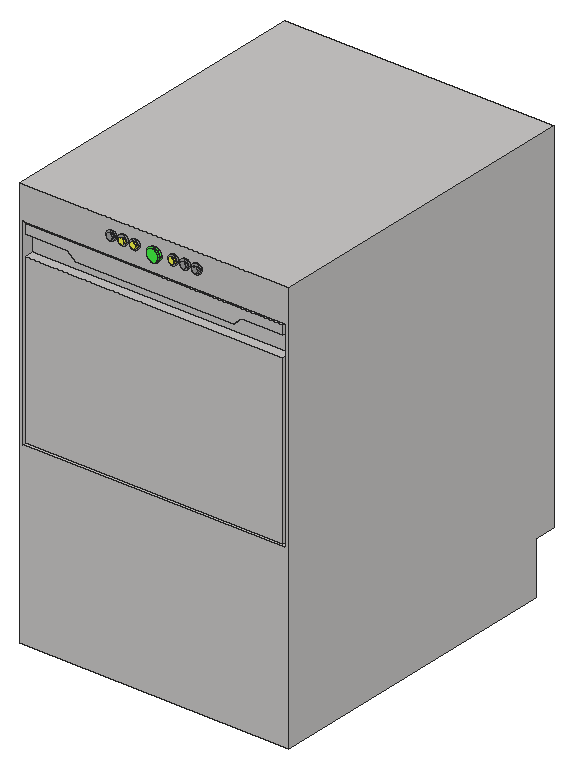
Revit family "QF_ZANUSSI_402234_ZSICWP", category Specialty Equipment, Revit 2018
Family settings
  Round Connector Dimension = Use Diameter
  Part Type = Normal
  Work Plane-Based = No
  Always vertical = Yes
  Cut with Voids When Loaded = No
  Shared = No
  Room Calculation Point = No
Parameters
  Weight = 37.00 kg
  Watts = 0 W
  Volts = 0 V
  URL Manufacturer = ""
  URL = "http://professional.electrolux.com/"
  Steam Supply Size = 0 mm
  Steam Supply Minimum Pressure = 0.0 Pa
  Steam Supply Maximum Pressure = 0.0 Pa
  Steam Pounds per Hour = 0
  Show Logo [instance] = yes
  Show Clearance [instance] = yes
  Refrigeration Suction Line Size = 0 mm
  Refrigeration Liquid Line Size = 0 mm
  Refrigerant Compressor Remote = yes
  Manufacturer = ""
  Phase = 0
  Model = ""
  Length Actual = 460 mm  # constant formula
  Item Number = ""
  Hot Water Size = 0 mm
  Height Actual = 715 mm  # constant formula
  HP = "4.4 HP"
  Gas Size = 0 mm
  Gas KW = 0
  Gas Input Pressure = 0 W
  Direct Waste Size = 27 mm
  Description = ""
  Depth Actual = 565 mm  # constant formula
  Cycle = 0 Hz
  Condensate Return Size = 0 mm
  Compressed Air Volume = 0.0 L/s
  Compressed Air Size = 0 mm
  Compressed Air Pressure = 0.0 Pa
  Cold Water Size = 0 mm
  Accessory = yes
Types (2, lengths in mm): name | Volts | URL Manufacturer | URL | Manufacturer | Phase | Model | Item Number | Description | Cycle | Cold Water Size
  (no name) | 0 V | "" | "http://professional.electrolux.com/" | "" | 0 | "" | "" | "" | 0 Hz | 0
  Standard | 220 V | "http://professional.electrolux.com" | "http://professional.electrolux.com" | "Electrolux Professional" | 1 | "ESICWP" | "402218" | "GLASSWASHER(S) DOUBLE SKIN, COLD RINSE, WS, DP, 30B/H" | 50 Hz | 19.05
Reference planes
  plane 1 "Center (Front/Back)": y = 0
  plane 2: z = 0
  plane 3 "Center (Left/Right)": x = 0
  plane 4 "LEFT": x = -230
  plane 5 "RIGHT": x = 230
  plane 6 "FRONT": y = -282.5
  plane 7 "BACK": y = 282.5
  plane 8: x = -202.5
  plane 9: x = 202.5
  plane 10: z = 715
  plane 11: z = 10
Forms (mm)
  Extrusion 1, solid, material "QF_Finishes_Stainless Steel"
    sketch origin (0, 0, 0) x (1, 0, 0) y (0, 1, 0)
      loop
        line (-230, -282.5) -> (230, -282.5) -> (230, 243.5) -> (-230, 243.5) -> (-230, -282.5)
    from 10 to 715
  Extrusion 2, solid, material "QF_Finishes_Stainless Steel"
    sketch origin (0, 0, 0) x (1, 0, 0) y (0, 1, 0)
      loop
        line (-230, 243.5) -> (230, 243.5) -> (230, 282.5) -> (-230, 282.5) -> (-230, 243.5)
    from 100 to 715
  Extrusion 3, solid, material "QF_Finishes_Stainless Steel"
    sketch origin (0, 0, 0) x (1, 0, 0) y (0, 1, 0)
      loop
        circle (-202.5, 184.5) r 12.5
      loop
        circle (202.5, 184.5) r 12.5
      loop
        circle (-202.5, -235.5) r 12.5
      loop
        circle (202.5, -235.5) r 12.5
    from 0 to 10
  Extrusion 4, void
    sketch origin (-230, -282.5, 0) x (-1, 0, 0) y (0, 0, 1)
      loop
        line (-5, 658.217) -> (-455, 658.217) -> (-455, 315) -> (-5, 315) -> (-5, 658.217)
    from 0 to 30
  Extrusion 5, solid, material "QF_Finishes_Stainless Steel"
    sketch origin (-53, -392, 738) x (0, 0, -1) y (1, 0, 0)
      loop
        circle (693, 213) r 10
    from -635.5 to -674.5
  Extrusion 6, solid, material "QF_Door-Drawer Clearances", visible <- "Show Clearance", detail levels coarse
    sketch origin (-230, -282.5, 0) x (0, 1, 0) y (0, 0, -1)
      loop
        line (0, -315) -> (-315, -315)
        arc (-315, -315) -> (-223.2, -545.869) -> (0, -655) r 344.605
        line (0, -655) -> (0, -315)
    from -10 to -450
  Extrusion 7, solid, material "QF_Finishes_Stainless Steel"
    sketch origin (-242.481, -392, 738) x (0, 0, -1) y (1, 0, 0)
      loop
        circle (663, 322.481) r 8
    from -635.5 to -674.5
  Extrusion 8, solid, material "QF_Finishes_Green"
    sketch origin (234, -282.5, -28.75) x (-1, 0, 0) y (0, 0, -1)
      loop
        circle (234, -714.569) r 10
    from 0 to 5
  Extrusion 9, solid, material "QF_Finishes_Gray"
    sketch origin (234, -282.5, -24.375) x (-1, 0, 0) y (0, 0, -1)
      loop
        circle (306.936, -713.972) r 5
    from 0 to 5
  Extrusion 10, solid, material "QF_Finishes_Stainless Steel"
    sketch origin (-230, -282.5, 0) x (0, 1, 0) y (0, 0, -1)
      loop
        line (0, -319.622) -> (0, -605) -> (15, -605) -> (15, -655) -> (25, -655) -> (25, -319.622) -> (0, -319.622)
    from -10 to -450
  Extrusion 11, solid, material "QF_Finishes_Stainless Steel"
    sketch origin (-230, -282.5, 0) x (0, 1, 0) y (0, 0, -1)
      loop
        line (15, -655) -> (15, -652.514) -> (2.5, -652.514) -> (2.5, -626.25) -> (0, -626.25) -> (0, -655) -> (15, -655)
    from -10 to -450
  Extrusion 12, void
    sketch origin (-230, -282.5, 655) x (0, 0, 1) y (1, 0, 0)
      loop
        line (-15.552, 10) -> (-15.552, 81.607) -> (-28.75, 94.804) -> (-28.75, 10) -> (-15.552, 10)
      loop
        line (-15.552, 450) -> (-28.75, 450) -> (-28.75, 365.196) -> (-15.552, 378.393) -> (-15.552, 450)
    from 0 to 2.5
  Extrusion 13, solid, material "QF_Finishes_Stainless Steel"
    sketch origin (-328, -392, 738) x (0, 0, -1) y (1, 0, 0)
      loop
        circle (663, 228) r 8
    from -635.5 to -674.5
  Extrusion 14, solid, material "QF_Finishes_Green"
    sketch origin (-230, -282.5, 0) x (1, 0, 0) y (0, 0, 1)
      loop
        circle (230, 685.819) r 12
      loop
        circle (230, 685.819) r 10
    from 0 to 2.5
  Extrusion 15, solid, material "QF_Finishes_Gray"
    sketch origin (-210, -282.5, -28.75) x (1, 0, 0) y (0, 0, 1)
      loop
        circle (262.936, 718.347) r 8
      loop
        circle (262.936, 718.347) r 5
      loop
        circle (242.936, 718.347) r 8
      loop
        circle (242.936, 718.347) r 5
      loop
        circle (282.936, 718.347) r 8
      loop
        circle (282.936, 718.347) r 5
    from 0 to 2.5
  Extrusion 16, solid, material "QF_Finishes_Gray"
    sketch origin (-234, -282.5, -24.375) x (1, 0, 0) y (0, 0, 1)
      loop
        circle (286.936, 713.972) r 5
      loop
        circle (306.936, 713.972) r 5
    from 0 to 5
  Extrusion 17, solid, material "QF_Finishes_Gray"
    sketch origin (210, -282.5, -28.75) x (-1, 0, 0) y (0, 0, -1)
      loop
        circle (262.936, -718.347) r 8
      loop
        circle (262.936, -718.347) r 5
      loop
        circle (242.936, -718.347) r 8
      loop
        circle (242.936, -718.347) r 5
      loop
        circle (282.936, -718.347) r 8
      loop
        circle (282.936, -718.347) r 5
    from 0 to 2.5
  Extrusion 18, solid, material "QF_Finishes_Yellow"
    sketch origin (254, -282.5, -24.375) x (-1, 0, 0) y (0, 0, -1)
      loop
        circle (306.936, -713.972) r 5
    from 0 to 5
  Extrusion 19, solid, material "QF_Finishes_Yellow"
    sketch origin (274, -282.5, -24.375) x (-1, 0, 0) y (0, 0, -1)
      loop
        circle (306.936, -713.972) r 5
    from 0 to 5
  Extrusion 20, solid, material "QF_Finishes_Yellow"
    sketch origin (339.871, -282.5, -24.375) x (-1, 0, 0) y (0, 0, -1)
      loop
        circle (306.936, -713.972) r 5
    from 0 to 5
Cuts and joins
  Extrusion 4 cuts Extrusion 1
  joined: Extrusion 1, Extrusion 2
  Extrusion 12 cuts Extrusion 10
  Extrusion 12 cuts Extrusion 11
Lines and regions (mm)
  Split face 1
    outline origin (-230, -282.5, 715) x (0, 0, -1) y (1, 0, 0)
      loop
        line (35, 0) -> (35, 60) -> (49.142, 74.142) -> (49.142, 214.142) -> (11.456, 214.142)
        arc (11.456, 214.142) -> (9.82, 214.82) -> (9.142, 216.456) r 2.314
        line (9.142, 216.456) -> (9.142, 230) -> (9.142, 243.544)
        arc (9.142, 243.544) -> (9.82, 245.18) -> (11.456, 245.858) r 2.314
        line (11.456, 245.858) -> (49.142, 245.858) -> (49.142, 385.858) -> (35, 400) -> (35, 460)
      loop
        line (56.783, 5) -> (56.783, 0)
      loop
        line (56.783, 455) -> (56.783, 460)
  symbolic lines
    curve 1: line (-230, 282.5, 0) -> (230, 282.5, 0)
    curve 2: line (-230, -282.5, 0) -> (-230, 282.5, 0)
    curve 3: line (230, -282.5, 0) -> (-230, -282.5, 0)
    curve 4: line (230, 282.5, 0) -> (230, -282.5, 0)
    curve 9: line (-80.94, -285, 0) -> (-80.94, -282.5, 0)
    curve 10: line (-64.948, -285, 0) -> (-64.948, -282.5, 0)
    curve 11: line (-77.926, -287.5, 0) -> (-67.936, -287.5, 0)
    curve 12: line (-67.936, -287.5, 0) -> (-67.936, -285, 0)
    curve 13: line (-77.926, -287.5, 0) -> (-77.926, -285, 0)
    curve 14: line (-60.936, -285, 0) -> (-44.936, -285, 0)
    curve 15: line (-44.936, -285, 0) -> (-44.936, -282.5, 0)
    curve 16: line (-60.936, -285, 0) -> (-60.936, -282.5, 0)
    curve 17: line (-57.936, -287.5, 0) -> (-47.936, -287.5, 0)
    curve 18: line (-47.936, -287.5, 0) -> (-47.936, -285, 0)
    curve 19: line (-57.936, -287.5, 0) -> (-57.936, -285, 0)
    curve 20: line (-40.936, -285, 0) -> (-24.936, -285, 0)
    curve 21: line (-24.936, -285, 0) -> (-24.936, -282.5, 0)
    curve 22: line (-40.936, -285, 0) -> (-40.936, -282.5, 0)
    curve 23: line (-37.936, -287.5, 0) -> (-27.936, -287.5, 0)
    curve 24: line (-27.936, -287.5, 0) -> (-27.936, -285, 0)
    curve 25: line (-37.936, -287.5, 0) -> (-37.936, -285, 0)
    curve 26: line (24.936, -285, 0) -> (40.936, -285, 0)
    curve 27: line (40.936, -285, 0) -> (40.936, -282.5, 0)
    curve 28: line (27.936, -287.5, 0) -> (37.936, -287.5, 0)
    curve 29: line (37.936, -287.5, 0) -> (37.936, -285, 0)
    curve 30: line (27.936, -287.5, 0) -> (27.936, -285, 0)
    curve 31: line (24.936, -285, 0) -> (24.936, -282.5, 0)
    curve 32: line (-12, -285, 0) -> (12, -285, 0)
    curve 33: line (12, -285, 0) -> (12, -282.5, 0)
    curve 34: line (-12, -285, 0) -> (-12, -282.5, 0)
    curve 35: line (-10, -287.5, 0) -> (10, -287.5, 0)
    curve 36: line (10, -287.5, 0) -> (10, -285, 0)
    curve 37: line (-10, -287.5, 0) -> (-10, -285, 0)
    curve 39: line (44.936, -285, 0) -> (60.936, -285, 0)
    curve 40: line (60.936, -285, 0) -> (60.936, -282.5, 0)
    curve 41: line (47.936, -287.5, 0) -> (57.936, -287.5, 0)
    curve 42: line (57.936, -287.5, 0) -> (57.936, -285, 0)
    curve 43: line (47.936, -287.5, 0) -> (47.936, -285, 0)
    curve 44: line (44.936, -285, 0) -> (44.936, -282.5, 0)
    curve 45: line (64.936, -285, 0) -> (80.936, -285, 0)
    curve 46: line (80.936, -285, 0) -> (80.936, -282.5, 0)
    curve 47: line (67.936, -287.5, 0) -> (77.936, -287.5, 0)
    curve 48: line (77.936, -287.5, 0) -> (77.936, -285, 0)
    curve 49: line (67.936, -287.5, 0) -> (67.936, -285, 0)
    curve 50: line (64.936, -285, 0) -> (64.936, -282.5, 0)
  symbolic lines, style "QF_Door-Drawer Clearances"
    curve 5: line (-220, -597.5, 0) -> (220, -597.5, 0)
    curve 6: line (220, -597.5, 0) -> (220, -282.5, 0)
    curve 7: line (-220, -597.5, 0) -> (-220, -282.5, 0)
  symbolic lines, style "SpecialityEquipment"
    curve 8: line (-80.94, -285, 0) -> (-64.948, -285, 0)
  symbolic lines, style "SpecialityEquipmentHiddenLines"
    curve 38: line (-230, 243.5, 0) -> (230, 243.5, 0)
Dimensions and locks
  equal spacing: plane 4 "LEFT", plane 3 "Center (Left/Right)", plane 5 "RIGHT"
  equal spacing: plane 7 "BACK", plane 1 "Center (Front/Back)", plane 6 "FRONT"
  plane 7 "BACK" to plane 6 "FRONT" = 565 mm
  plane 4 "LEFT" to plane 5 "RIGHT" = 460 mm
  plane 4 "LEFT" to plane 8 = 27.5 mm
  plane 9 to plane 5 "RIGHT" = 27.5 mm
  locked: plane 11 to level at 10
  plane 4 "LEFT" to plane 3 "Center (Left/Right)" = 230 mm
  plane 10 to level = 715 mm  (x2)
  plane 8 to plane 9 = 405 mm
  level to Extrusion 13 sketch curve = 75 mm
  Extrusion 13 sketch curve to plane 4 "LEFT" = 130 mm
  level to Extrusion 5 sketch curve = 45 mm
  Extrusion 5 sketch curve to plane 4 "LEFT" = 390 mm
  Extrusion 7 sketch curve to plane 4 "LEFT" = 310 mm
  level to Extrusion 7 sketch curve = 75 mm
  locked: Extrusion 3 to cut or joined group of Extrusion 1, Extrusion 2, Extrusion 4 at 98
  Extrusion 3 to Extrusion 3 = 420 mm
  locked: plane 6 "FRONT" to Extrusion 3 at 47
  plane 9 to plane 8 = 405 mm
  plane 7 "BACK" to curve 5 = 880 mm
  cut or joined group of Extrusion 10, Extrusion 12 to cut or joined group of Extrusion 1, Extrusion 2, Extrusion 4 = 290 mm
  aligned and locked: level to plane 2
  aligned and locked: Extrusion 1 sketch curve to plane 6 "FRONT"
  aligned and locked: Extrusion 1 sketch curve to plane 4 "LEFT"
  aligned and locked: plane 5 "RIGHT" to Extrusion 1 sketch curve
  aligned and locked: Extrusion 1 to plane 11
  aligned and locked: Extrusion 2 sketch curve to Extrusion 1  (x2)
  aligned and locked: plane 7 "BACK" to Extrusion 2 sketch curve
  aligned and locked: plane 5 "RIGHT" to Extrusion 2 sketch curve
  aligned and locked: plane 11 to Extrusion 3
  aligned and locked: Extrusion 2 to Extrusion 5
  aligned and locked: Extrusion 2 to Extrusion 7
  aligned and locked: plane 7 "BACK" to Extrusion 7
  aligned and locked: plane 7 "BACK" to Extrusion 5
  aligned and locked: cut or joined group of Extrusion 11, Extrusion 12 to Extrusion 12
  aligned and locked: plane 10 to Extrusion 2
Automatic sketch dimensions
  curve 1 to plane 4 "LEFT" = 0 mm
  curve 7 to plane 6 "FRONT" = 0 mm
  curve 4 to plane 5 "RIGHT" = 0 mm
  curve 2 to plane 7 "BACK" = 0 mm
  plane 4 "LEFT" to curve 5 = 10 mm
  curve 8 to plane 6 "FRONT" = 2.5 mm
  curve 8 to plane 3 "Center (Left/Right)" = 80.94 mm
  curve 8 to curve 11 = 3.013 mm
  curve 11 to curve 11 = 9.991 mm
  curve 12 to curve 10 = 2.987 mm
  curve 8 to curve 16 = 4.013 mm
  curve 14 to curve 19 = 3 mm
  curve 17 to plane 6 "FRONT" = 5 mm
  curve 17 to curve 17 = 10 mm
  curve 18 to curve 14 = 3 mm
  curve 14 to curve 20 = 4 mm
  curve 20 to curve 25 = 3 mm
  curve 24 to plane 6 "FRONT" = 5 mm
  curve 23 to curve 24 = 10 mm
  curve 24 to curve 21 = 3 mm
  curve 34 to plane 6 "FRONT" = 2.5 mm
  curve 34 to plane 3 "Center (Left/Right)" = 12 mm
  curve 32 to curve 37 = 2 mm
  plane 3 "Center (Left/Right)" to curve 36 = 10 mm
  curve 36 to curve 33 = 2 mm
  curve 26 to plane 6 "FRONT" = 2.5 mm
  curve 32 to curve 26 = 12.936 mm
  curve 26 to curve 30 = 3 mm
  curve 28 to plane 6 "FRONT" = 5 mm
  curve 28 to curve 28 = 10 mm
  curve 29 to curve 27 = 3 mm
  curve 26 to curve 44 = 4 mm
  curve 39 to curve 43 = 3 mm
  curve 41 to plane 6 "FRONT" = 5 mm
  curve 41 to curve 41 = 10 mm
  curve 42 to curve 39 = 3 mm
  curve 39 to curve 50 = 4 mm
  curve 45 to curve 47 = 3 mm
  curve 47 to plane 6 "FRONT" = 5 mm
  curve 47 to curve 47 = 10 mm
  curve 48 to curve 45 = 3 mm
  curve 6 to plane 5 "RIGHT" = 10 mm
  curve 35 to curve 36 = 2.5 mm
  curve 11 to curve 13 = 2.5 mm
  curve 15 to plane 6 "FRONT" = 2.5 mm
  curve 20 to plane 6 "FRONT" = 2.5 mm
  curve 40 to plane 6 "FRONT" = 2.5 mm
  curve 45 to plane 6 "FRONT" = 2.5 mm
  curve 38 to plane 7 "BACK" = 39 mm
  Extrusion 1 sketch curve to plane 7 "BACK" = 39 mm
  Extrusion 3 sketch curve to plane 8 = 0 mm  (x2)
  Extrusion 3 sketch curve to plane 9 = 0 mm  (x2)
  plane 6 "FRONT" to Extrusion 3 sketch curve = 47 mm  (x2)
  Extrusion 3 sketch curve to plane 7 "BACK" = 98 mm  (x2)
  Extrusion 4 sketch curve to Extrusion 1 = 5 mm  (x2)
  Extrusion 4 sketch curve to Extrusion 1 = 305 mm
  Extrusion 4 sketch curve to Extrusion 1 = 56.783 mm
  Extrusion 6 sketch curve to plane 6 "FRONT" = 0 mm
  Extrusion 6 sketch curve to plane 6 "FRONT" = 315 mm
  plane 6 "FRONT" to Extrusion 6 sketch curve = 29.589 mm
  Extrusion 6 sketch curve to plane 10 = 60 mm
  plane 11 to Extrusion 6 sketch curve = 305 mm
  Extrusion 8 sketch curve to Extrusion 8 sketch curve = 0 mm  (x2)
  Extrusion 8 sketch curve to plane 3 "Center (Left/Right)" = 0 mm
  Extrusion 8 sketch curve to plane 10 = 29.181 mm
  plane 3 "Center (Left/Right)" to Extrusion 8 sketch curve = 10 mm
  Extrusion 9 sketch curve to Extrusion 9 sketch curve = 0 mm  (x2)
  Extrusion 9 sketch curve to plane 10 = 25.403 mm
  Extrusion 9 sketch curve to plane 3 "Center (Left/Right)" = 72.936 mm
  Extrusion 9 sketch curve to Extrusion 9 sketch curve = 5 mm
  Extrusion 10 sketch curve to plane 6 "FRONT" = 0 mm
  plane 6 "FRONT" to Extrusion 10 sketch curve = 15 mm
  Extrusion 10 sketch curve to Extrusion 10 sketch curve = 25 mm
  Extrusion 10 sketch curve to plane 10 = 60 mm
  Extrusion 10 sketch curve to Extrusion 10 sketch curve = 50 mm
  Extrusion 10 sketch curve to Extrusion 10 sketch curve = 285.378 mm
  Extrusion 11 sketch curve to plane 6 "FRONT" = 0 mm
  Extrusion 11 sketch curve to Extrusion 11 sketch curve = 2.5 mm
  Extrusion 11 sketch curve to Extrusion 11 sketch curve = 12.5 mm
  Extrusion 11 sketch curve to plane 10 = 60 mm
  Extrusion 11 sketch curve to Extrusion 11 sketch curve = 2.486 mm
  Extrusion 11 sketch curve to Extrusion 11 sketch curve = 26.264 mm
  Extrusion 12 sketch curve to Extrusion 11 = 0 mm  (x3)
  Extrusion 11 to Extrusion 12 sketch curve = 0 mm
  Extrusion 12 sketch curve to Extrusion 11 = 13.198 mm  (x2)
  Extrusion 12 sketch curve to Extrusion 11 = 71.607 mm
  Extrusion 12 sketch curve to Extrusion 12 sketch curve = 13.198 mm  (x2)
  Extrusion 12 sketch curve to Extrusion 11 = 84.804 mm
  Extrusion 14 sketch curve to Extrusion 14 sketch curve = 0 mm  (x2)
  Extrusion 1 to Extrusion 14 sketch curve = 29.181 mm
  Extrusion 1 to Extrusion 14 sketch curve = 230 mm
  Extrusion 15 sketch curve to Extrusion 15 sketch curve = 0 mm  (x8)
  plane 3 "Center (Left/Right)" to Extrusion 15 sketch curve = 32.936 mm
  Extrusion 15 sketch curve to Extrusion 15 sketch curve = 20 mm  (x2)
  Extrusion 15 sketch curve to plane 10 = 25.403 mm
  Extrusion 16 sketch curve to Extrusion 16 sketch curve = 0 mm  (x5)
  Extrusion 16 sketch curve to plane 10 = 25.403 mm
  plane 3 "Center (Left/Right)" to Extrusion 16 sketch curve = 52.936 mm
  Extrusion 16 sketch curve to Extrusion 16 sketch curve = 20 mm
  Extrusion 16 sketch curve to Extrusion 16 sketch curve = 5 mm  (x2)
  Split face 1 sketch curve to cut or joined group of Extrusion 1, Extrusion 2, Extrusion 4 = 0 mm  (x6)
  cut or joined group of Extrusion 1, Extrusion 2, Extrusion 4 to Split face 1 sketch curve = 0 mm  (x2)
  cut or joined group of Extrusion 1, Extrusion 2, Extrusion 4 to Split face 1 sketch curve = 7.641 mm  (x2)
  Split face 1 sketch curve to Split face 1 sketch curve = 14.142 mm  (x4)
  Split face 1 sketch curve to cut or joined group of Extrusion 1, Extrusion 2, Extrusion 4 = 11.456 mm  (x2)
  Split face 1 sketch curve to cut or joined group of Extrusion 1, Extrusion 2, Extrusion 4 = 9.142 mm
  Split face 1 sketch curve to cut or joined group of Extrusion 1, Extrusion 2, Extrusion 4 = 55 mm
  Split face 1 sketch curve to Split face 1 sketch curve = 140 mm
  Split face 1 sketch curve to Split face 1 sketch curve = 13.544 mm  (x2)
  Split face 1 sketch curve to cut or joined group of Extrusion 1, Extrusion 2, Extrusion 4 = 69.142 mm
  Extrusion 17 sketch curve to Extrusion 17 sketch curve = 0 mm  (x8)
  Extrusion 17 sketch curve to plane 3 "Center (Left/Right)" = 32.936 mm
  Extrusion 17 sketch curve to Extrusion 17 sketch curve = 20 mm  (x2)
  Extrusion 17 sketch curve to plane 10 = 25.403 mm
  Extrusion 18 sketch curve to Extrusion 18 sketch curve = 0 mm  (x2)
  Extrusion 18 sketch curve to plane 10 = 25.403 mm
  Extrusion 18 sketch curve to plane 3 "Center (Left/Right)" = 52.936 mm
  Extrusion 18 sketch curve to Extrusion 18 sketch curve = 5 mm
  Extrusion 19 sketch curve to Extrusion 19 sketch curve = 0 mm  (x2)
  Extrusion 19 sketch curve to plane 3 "Center (Left/Right)" = 32.936 mm
  Extrusion 19 sketch curve to plane 10 = 25.403 mm
  Extrusion 19 sketch curve to Extrusion 19 sketch curve = 5 mm
  Extrusion 20 sketch curve to Extrusion 20 sketch curve = 0 mm  (x2)
  plane 3 "Center (Left/Right)" to Extrusion 20 sketch curve = 32.936 mm
  Extrusion 20 sketch curve to plane 10 = 25.403 mm
  Extrusion 20 sketch curve to Extrusion 20 sketch curve = 5 mm
  radius of Extrusion 5 sketch curve = 10 mm
  radius of Extrusion 7 sketch curve = 8 mm
  radius of Extrusion 13 sketch curve = 8 mm
  radius of Extrusion 3 sketch curve = 12.5 mm  (x4)
  radius of Extrusion 14 sketch curve = 12 mm
  radius of Extrusion 14 sketch curve = 10 mm
  radius of Extrusion 15 sketch curve = 8 mm  (x3)
  radius of Extrusion 15 sketch curve = 5 mm  (x3)
  radius of Extrusion 17 sketch curve = 8 mm  (x3)
  radius of Extrusion 17 sketch curve = 5 mm  (x3)
Connectors
  piping at (160, 282.5, 45), diameter 20
    settings: on Extrusion 5, index 1, connector inside diameter 609.6 mm, connector length 0 mm, flow factor 0, pipe flow 0.0 L/s, pressure drop 0.0 Pa, fitting loss kfactor 0, connector angle 0.00°, fixture units 0, engagement length 0 mm, angle of deflection 0.00°, flow configuration 1, flow direction 1, fitting loss method 0, system type 16, joint type 0, gender type 0, connector reference index -1, connector utility 0, adjustable connector no, is connector primary yes, connector description "Drain"
  piping at (80, 282.5, 75), driven by "Cold Water Size"
    settings: on Extrusion 7, index 3, connector diameter 0 mm, connector inside diameter 609.6 mm, connector length 0 mm, flow factor 0, pipe flow 0.0 L/s, pressure drop 0.0 Pa, fitting loss kfactor 0, connector angle 0.00°, fixture units 0, engagement length 0 mm, angle of deflection 0.00°, flow configuration 1, flow direction 1, fitting loss method 0, system type 20, joint type 0, gender type 0, connector reference index -1, connector utility 0, adjustable connector no, is connector primary no, connector description "Cold Water Inlet"
  electrical at (-100, 282.5, 75), driven by "Volts"
    settings: on Extrusion 13, index 4, voltage 0 V, apparent load 0 VA, apparent load phase1 0 VA, apparent load phase2 0 VA, apparent load phase3 0 VA, power factor 1, load classification "Altro", number of poles 1, system type 31, power factor state 1, is connector primary yes, connector utility no, sub classification motor no, connector description "Electrical Connection"
